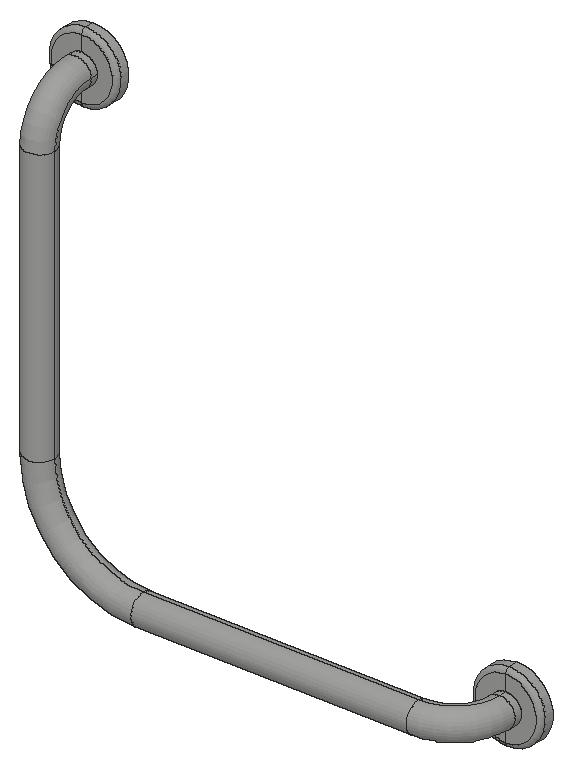
Revit family "RBA4806-450", category Plumbing Fixtures, Revit 2021
Family settings
  Round Connector Dimension = Use Diameter
  Part Type = Normal
  Work Plane-Based = No
  Always vertical = Yes
  Cut with Voids When Loaded = No
  Shared = Yes
  Room Calculation Point = No
Parameters
  Watermarked By = "www.rba.com.au"
  URL = "www.rba.com.au"
  Phone Number = ""
  OFFSET [instance] = 800.00 mm
  Modified Issue = ""
  Model = "RBA4806-450"
  Materials and Finishes = PVD Gunmetal Stainless Steel
  Manufacturer = "RBA Group"
  Lgth = 900.00 mm
  Diameter = 32.00 mm
  Description = "RTA Brushed Gunmetal Single Wall 90° Rail, 450mm x 450mm"
  Default Elevation = 0.00 mm
  Copyrighted by = "RBA Group"  # constant formula
Reference planes
  plane 1 "Center (Front/Back)": y = 0
  plane 2: z = 0
  plane 3 "Center (Left/Right)": x = 0
  plane 4: z = 800
  plane 5: z = 784
  plane 6: z = 1234
  plane 7: y = -55
  plane 8: y = -71
  plane 9: y = -87
  plane 10: x = -16
Forms (mm)
  Revolve 1, solid, material "PVD Gunmetal Stainless Steel" <- "Materials and Finishes"
    sketch origin (159.282, 0, 0.016) x (0, 1, 0) y (0, 0, -1)
      loop
        line (-14.798, -1233.984) -> (-14.798, -1249.984)
        arc (-14.798, -1249.984) -> (-14.721, -1258.245) -> (-14.663, -1266.534) r 3642.758
        arc (-14.663, -1266.534) -> (-13.194, -1270.036) -> (-9.683, -1271.484) r 4.979
        line (-9.683, -1271.484) -> (0, -1271.484) -> (0, -1233.984) -> (-14.798, -1233.984)
      axis (0, -1233.984) -> (-14.798, -1233.984)
    angle from 0 to 360
  Extrusion 2, void
    sketch origin (159.282, 0, 0) x (-1, 0, 0) y (0, 0, -1)
      loop
        circle (0, -1234) r 36
    from 0 to 2.847
  Sweep 3, solid, material "PVD Gunmetal Stainless Steel" <- "Materials and Finishes"
    path origin (159.282, 0, 0) x (0, 1, 0) y (0, 0, -1)
      loop
        line (-14.798, -1234) -> (-23, -1234)
        arc (-23, -1234) -> (-56.941, -1219.941) -> (-71, -1186) r 48
    profile origin (159.282, -18.899, 1234) x (0, 0, 1) y (-1, 0, 0)
      loop
        circle (0, 0) r 16
  Revolve 4, solid, material "PVD Gunmetal Stainless Steel" <- "Materials and Finishes"
    sketch origin (609.282, 0, -449.984) x (0, 1, 0) y (0, 0, -1)
      loop
        line (-14.798, -1233.984) -> (-14.798, -1249.984)
        arc (-14.798, -1249.984) -> (-14.721, -1258.245) -> (-14.663, -1266.534) r 3642.758
        arc (-14.663, -1266.534) -> (-13.194, -1270.036) -> (-9.683, -1271.484) r 4.979
        line (-9.683, -1271.484) -> (0, -1271.484) -> (0, -1233.984) -> (-14.798, -1233.984)
      axis (0, -1233.984) -> (-14.798, -1233.984)
    angle from 0 to 360
  Extrusion 5, void
    sketch origin (609.282, 0, -450) x (-1, 0, 0) y (0, 0, -1)
      loop
        circle (0, -1234) r 36
    from 0 to 2.847
  Sweep 6, solid, material "PVD Gunmetal Stainless Steel" <- "Materials and Finishes"
    path origin (-624.718, 0, 784) x (0, 1, 0) y (-1, 0, 0)
      loop
        line (-14.798, -1234) -> (-23, -1234)
        arc (-23, -1234) -> (-56.941, -1219.941) -> (-71, -1186) r 48
    profile origin (609.282, -18.899, 784) x (1, 0, 0) y (0, 0, 1)
      loop
        circle (0, 0) r 16
  Sweep 7, solid, material "PVD Gunmetal Stainless Steel" <- "Materials and Finishes"
    path origin (159.282, -71, 0) x (-1, 0, 0) y (0, 0, -1)
      loop
        line (0, -1186) -> (0, -894)
        arc (0, -894) -> (-32.218, -816.218) -> (-110, -784) r 110
        line (-110, -784) -> (-402, -784)
    profile origin (159.282, -71, 1040) x (0, -1, 0) y (1, 0, 0)
      loop
        circle (0, 0) r 16
  Extrusion 8, void
    sketch origin (0, 0, 0) x (1, 0, 0) y (0, 0, 1)
      loop
        circle (131.782, 1234) r 5
      loop
        circle (186.782, 1234) r 5
      loop
        circle (581.782, 784) r 5
      loop
        circle (636.782, 784) r 5
    from 2.85 to 5.82
Cuts and joins
  Extrusion 2, Extrusion 8 cuts Revolve 1
  Extrusion 5, Extrusion 8 cuts Revolve 4
  joined: Sweep 3, Sweep 6, Sweep 7
Dimensions and locks
  plane 6 to plane 5 = 450.00 mm
  aligned and locked: level to plane 2
